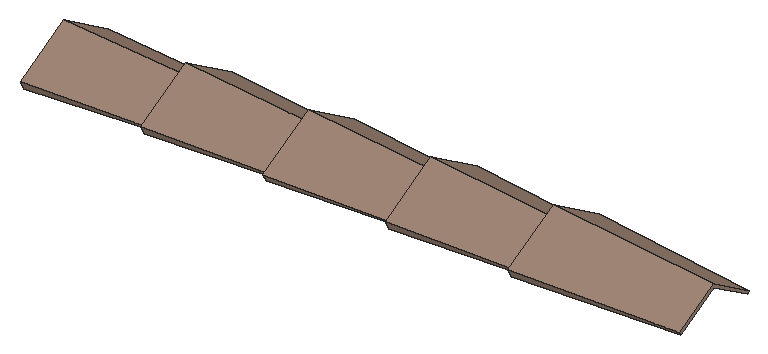
Revit family "NBS_TapcoRoofingProducts_RcnstttdSltCrsngFitngs_DaVinciSelectShakeRidgeAndHipCap", category Generic Models, Revit 2020
Family settings
  Can host rebar = No
  Round Connector Dimension = Use Diameter
  Part Type = Normal
  Cut with Voids When Loaded = No
  Shared = No
  Room Calculation Point = No
Parameters (values of type "Autumn")
  WidthBack = 250 mm  # constant formula
  Width = 300 mm  # constant formula
  Weight = "1 kg"
  WarrantyStartDate [instance] = "1900-12-31T23:59:59"
  WarrantyGuarantorParts = "n/a"
  WarrantyGuarantorLabor = "n/a"
  WarrantyDurationUnit = "year"
  WarrantyDurationParts = "n/a"
  WarrantyDurationLabor = "n/a"
  WarrantyDescription = "40 year"
  Version = "2"  # constant formula
  Uniclass2015Version = "Products v1.29"
  Uniclass2015Title = "Dry fixing ridges"
  Uniclass2015Code = "Pr_35_90_93_29"
  Thickness = 25 mm
  TagNumber [instance] = "n/a"
  SustainabilityPerformance = "Manufactured from recyclable virgin polyethylene"
  Size = "465 x 302 mm"
  ShowRidgeLast [instance] = and(RidgeLengtLast > 50 mm, [built-in parameter 1001306] > RidgeLength)  # yes
  ShowRidge4 [instance] = and(RidgeNumber > 4, not(ShowArray))  # yes
  ShowRidge3 [instance] = RidgeNumber > 3  # yes
  ShowRidge2 [instance] = RidgeNumber > 2  # yes
  ShowArray [instance] = RidgeNumberArray > 1  # no
  Shape = "Other"
  SerialNumber [instance] = "n/a"
  RidgeLengtLastCalc [instance] = if(RidgeLengtLast > 50 mm, RidgeLengtLast, 50 mm)  # 420 mm
  RidgeLengtLast [instance] = [built-in parameter 1001306] - (RidgeNumber - 1) * (RidgeLength - RidgeOverlapping)  # 420 mm
  RidgeAngleRight [instance] = 30.00°
  RidgeAngleLeft [instance] = 30.00°
  RidgeOverlapping [instance] = 145 mm
  RidgeNumberCalc [instance] = if(RidgeNumberArray < 2, 2, RidgeNumberArray)  # 2
  RidgeNumberArray [instance] = RidgeNumber - 4  # 1
  RidgeNumber [instance] = roundup(([built-in parameter 1001306] - RidgeOverlapping) / (RidgeLength - RidgeOverlapping))  # 5
  RidgeLength = 465 mm  # constant formula
  ReplacementCost = "n/a"
  RecycledContent = "0"
  Recyclability = "Manufactured from recyclable virgin polyethylene"
  ProductInformation = "https://source.thenbs.com/product/-/5f42ca6f-9695-4291-a67d-1041d41023c2/8821bbdf-7cdb-445a-bb53-3dfe837d31da"
  NominalWidth = 302 mm
  NominalLength = 465 mm
  NominalHeight = 0 mm
  Name = "DryFixingRidges_DaVinciSelectShakeRidgeAndHipCaps_Autumn_TapcoRoofingProducts"
  NBSVariantId = "5a28dfd7-20bb-93d9-d1d7-ee850a88a3fa"
  NBSObjectId = "5f42ca6f-9695-4291-a67d-1041d41023c2"
  NBSInstanceId = "8821bbdf-7cdb-445a-bb53-3dfe837d31da"
  ModelReference = "DaVinci Select Shake Ridge and Hip Caps"
  ModelNumber = "n/a"
  RidgeMaterial = NBS_TapcoRoofingProducts_Autumn
  ManufacturerURL = "www.tapcoroofingproducts.com"
  ManufacturerName = "Tapco Roofing Products"  # constant formula
  Manufacturer = "info@tapcoslate.com"
  built-in parameter 1001306 [instance] = 1700 mm
  InstallationDate [instance] = "1900-12-31T23:59:59"
  IfcExportType = "ROOFING"
  IfcExportAs = "IfcCoveringType"
  Grade = "n/a"
  FrontThickness = 25 mm  # constant formula
  FrontOffset4 [instance] = RidgeOverlapping * (FrontOffset3 + FrontThickness - BackThickness) / RidgeLength + BackThickness  # 13.894 mm
  FrontOffset3 [instance] = RidgeOverlapping * (FrontOffset2 + FrontThickness - BackThickness) / RidgeLength + BackThickness  # 12.935 mm
  FrontOffset2 [instance] = RidgeOverlapping * (FrontOffset1 + FrontThickness - BackThickness) / RidgeLength + BackThickness  # 9.86 mm
  FrontOffset1 [instance] = 0 mm  # constant formula
  Form = "Duo-ridge unventilated dry fixing kits"
  FireRating = "To EN 13501-5, BROOF(t4)"
  Finish = "Woodgrain"
  Features = "Ridges and hips are mechanically fixed, choice of three colours to match the Select Shake tiles, fully tested to BBA standards, including fire rating, wind, driven snow and rain, and water absorption"
  ExpectedLife = "n/a"
  DurationUnit = "year"
  Dimensions = "302 x 465 mm"
  Description = "A dry-fix ridge and hip cap for all roofs"
  Default Elevation = 0 mm
  CountryOfProductManufacture = "United States"
  CountryOfMaterialOrigin = "United States"
  Construction = "Composite blend of virgin polyethylene, UV and thermal stabilizers as well as a highly specialized fire retardant"
  Constituents = "n/a"
  Colour = "Autumn"
  Color = "Black,Brown"
  CodePerformance = "To EN 13501-5, BROOF(t4); Hail rating Class 4 UL 2218"
  Category = "Pr_35_90_93_29:Dry fixing ridges"
  BarCode [instance] = "n/a"
  BackThicknessLastRidge [instance] = (RidgeLength - RidgeLengtLastCalc) * (FrontOffset4 + FrontThickness - BackThickness) / RidgeLength + BackThickness  # 6.474 mm
  BackThickness = 3 mm  # constant formula
  BIMObjectName = "NBS_TapcoRoofingProducts_DryFixingRidges_DaVinciSelectShakeRidge&HipCaps_Autumn"
  Author = "NBS"  # constant formula
  AssetType = "Fixed"
  AssetIdentifier [instance] = "n/a"
  AccessibilityPerformance = "n/a"
Types (3, lengths in mm): name | Name | NBSVariantId | RidgeMaterial | Colour | BIMObjectName
  AgedCedar | "DryFixingRidges_DaVinciSelectShakeRidgeAndHipCaps_AgedCedar_TapcoRoofingProducts" | "e01b2727-56a0-ac81-1c7b-a2fdbdb3b848" | NBS_TapcoRoofingProducts_AgedCedar | "Aged cedar" | "NBS_TapcoRoofingProducts_DryFixingRidges_DaVinciSelectShakeRidge&HipCaps_AgedCedar"
  BlackOak | "DryFixingRidges_DaVinciSelectShakeRidgeAndHipCaps_BlackOak_TapcoRoofingProducts" | "c9265ae5-8019-caef-6ea6-5db136d68210" | NBS_TapcoRoofingProducts_BlackOak | "Black oak" | "NBS_TapcoRoofingProducts_DryFixingRidges_DaVinciSelectShakeRidge&HipCaps_BlackOak"
  Autumn | "DryFixingRidges_DaVinciSelectShakeRidgeAndHipCaps_Autumn_TapcoRoofingProducts" | "5a28dfd7-20bb-93d9-d1d7-ee850a88a3fa" | NBS_TapcoRoofingProducts_Autumn | "Autumn" | "NBS_TapcoRoofingProducts_DryFixingRidges_DaVinciSelectShakeRidge&HipCaps_Autumn"
Reference planes
  plane 1 "Center (Front/Back)": y = 0
  plane 2: z = 0
  plane 3 "Start": x = 0
  plane 4 "End": x = 1700
  plane 5: x = 465
  plane 6: x = 320
  plane 7: x = 785
  plane 8: x = 640
  plane 9: x = 1105
  plane 10: x = 960
  plane 11: x = 1425
  plane 12: x = 1280
Lines and regions (mm)
  reference lines
    curve 1: line (0, 0, 0) -> (1700, 0, 0)
Dimensions and locks
  "built-in parameter 1001306": plane 3 "Start" to plane 4 "End"
  "RidgeLength": plane 3 "Start" to plane 5
  "RidgeOverlapping": plane 6 to plane 5
  "RidgeLength": plane 6 to plane 7
  "RidgeOverlapping": plane 8 to plane 7
  "RidgeOverlapping": plane 10 to plane 9
  "RidgeLength": plane 8 to plane 9
  "RidgeOverlapping": plane 12 to plane 11
  "RidgeLength": plane 10 to plane 11
  group 1 to group 2 = 320 mm
  group 1 to group 2 = 0 mm  (x2)
  aligned and locked: plane 4 "End" to curve 1
  aligned and locked: plane 1 "Center (Front/Back)" to curve 1
  aligned and locked: plane 3 "Start" to curve 1
  aligned and locked: level to plane 2
  aligned and locked: plane 1 "Center (Front/Back)" to nested 1
  aligned and locked: plane 3 "Start" to nested 1
  aligned and locked: plane 1 "Center (Front/Back)" to nested 2
  aligned and locked: plane 6 to nested 2
  aligned and locked: plane 8 to nested 3
  aligned and locked: plane 1 "Center (Front/Back)" to nested 3
  aligned and locked: plane 10 to nested 4
  aligned and locked: plane 1 "Center (Front/Back)" to nested 4
  aligned and locked: plane 12 to nested 5
  aligned and locked: plane 1 "Center (Front/Back)" to nested 5
  aligned and locked: plane 10 to nested 6
  aligned and locked: plane 1 "Center (Front/Back)" to nested 6
  aligned and locked: plane 3 "Start" to nested 7
  aligned and locked: plane 1 "Center (Front/Back)" to nested 7
  aligned and locked: plane 4 "End" to nested 8
  aligned and locked: plane 1 "Center (Front/Back)" to nested 8
Nested families
  nested 1: "NBS_TapcoRoofingProducts_RcnstttdSltCrsngFitngs_DaVinciSelectShakeRidgeAndHipCap_Single" at (0, 0, 0), FrontOffset <- "FrontOffset1", BackThickness <- "BackThickness", Length <- "RidgeLength", WidthBack <- "WidthBack", type "NBS_TapcoRoofingProducts_RcnstttdSltCrsngFitngs_DaVinciSelectShakeRidgeAndHipCap_Single", detail levels medium+fine
    with WidthBackHalf 125 mm, WidthBack 250 mm, Length 465 mm, FrontOffset 0 mm, BackThickness 3 mm, AngleRight 30.00°, AngleLeft 30.00°
  nested 2: "NBS_TapcoRoofingProducts_RcnstttdSltCrsngFitngs_DaVinciSelectShakeRidgeAndHipCap_Single" at (320, 0, 0), FrontOffset <- "FrontOffset2", visible <- "ShowRidge2", BackThickness <- "BackThickness", Length <- "RidgeLength", WidthBack <- "WidthBack", type "NBS_TapcoRoofingProducts_RcnstttdSltCrsngFitngs_DaVinciSelectShakeRidgeAndHipCap_Single", detail levels medium+fine
    with WidthBackHalf 125 mm, WidthBack 250 mm, Length 465 mm, FrontOffset 9.86 mm, BackThickness 3 mm, AngleRight 30.00°, AngleLeft 30.00°
  nested 3: "NBS_TapcoRoofingProducts_RcnstttdSltCrsngFitngs_DaVinciSelectShakeRidgeAndHipCap_Single" at (640, 0, 0), FrontOffset <- "FrontOffset3", visible <- "ShowRidge3", BackThickness <- "BackThickness", Length <- "RidgeLength", WidthBack <- "WidthBack", type "NBS_TapcoRoofingProducts_RcnstttdSltCrsngFitngs_DaVinciSelectShakeRidgeAndHipCap_Single", detail levels medium+fine
    with WidthBackHalf 125 mm, WidthBack 250 mm, Length 465 mm, FrontOffset 12.935 mm, BackThickness 3 mm, AngleRight 30.00°, AngleLeft 30.00°
  nested 4: "NBS_TapcoRoofingProducts_RcnstttdSltCrsngFitngs_DaVinciSelectShakeRidgeAndHipCap_Single" at (960, 0, 0), FrontOffset <- "FrontOffset4", visible <- "ShowArray", BackThickness <- "BackThickness", Length <- "RidgeLength", WidthBack <- "WidthBack", type "NBS_TapcoRoofingProducts_RcnstttdSltCrsngFitngs_DaVinciSelectShakeRidgeAndHipCap_Single", detail levels medium+fine
    with WidthBackHalf 125 mm, WidthBack 250 mm, Length 465 mm, FrontOffset 13.894 mm, BackThickness 3 mm, AngleRight 30.00°, AngleLeft 30.00°
  nested 5: "NBS_TapcoRoofingProducts_RcnstttdSltCrsngFitngs_DaVinciSelectShakeRidgeAndHipCap_Single" at (1280, 0, 0), FrontOffset <- "FrontOffset4", visible <- "ShowArray", BackThickness <- "BackThickness", Length <- "RidgeLength", WidthBack <- "WidthBack", type "NBS_TapcoRoofingProducts_RcnstttdSltCrsngFitngs_DaVinciSelectShakeRidgeAndHipCap_Single", detail levels medium+fine
    with WidthBackHalf 125 mm, WidthBack 250 mm, Length 465 mm, FrontOffset 13.894 mm, BackThickness 3 mm, AngleRight 30.00°, AngleLeft 30.00°
  nested 6: "NBS_TapcoRoofingProducts_RcnstttdSltCrsngFitngs_DaVinciSelectShakeRidgeAndHipCap_Single" at (960, 0, 0), FrontOffset <- "FrontOffset4", visible <- "ShowRidge4", BackThickness <- "BackThickness", Length <- "RidgeLength", WidthBack <- "WidthBack", type "NBS_TapcoRoofingProducts_RcnstttdSltCrsngFitngs_DaVinciSelectShakeRidgeAndHipCap_Single", detail levels medium+fine
    with WidthBackHalf 125 mm, WidthBack 250 mm, Length 465 mm, FrontOffset 13.894 mm, BackThickness 3 mm, AngleRight 30.00°, AngleLeft 30.00°
  nested 7: "NBS_TapcoRoofingProducts_RcnstttdSltCrsngFitngs_DaVinciSelectShakeRidgeAndHipCap_Single" at (0, 0, 0), BackThickness <- "FrontThickness", FrontOffset <- "FrontOffset1", Length <- "built-in parameter 1001306", WidthBack <- "Width", type "NBS_TapcoRoofingProducts_RcnstttdSltCrsngFitngs_DaVinciSelectShakeRidgeAndHipCap_Single", detail levels coarse
    with WidthBackHalf 150 mm, WidthBack 300 mm, Length 1700 mm, FrontOffset 0 mm, BackThickness 25 mm, AngleRight 30.00°, AngleLeft 30.00°
  nested 8: "NBS_TapcoRoofingProducts_RcnstttdSltCrsngFitngs_DaVinciSelectShakeRidgeAndHipCap_Single" at (1280, 0, 0), Length <- "RidgeLengtLastCalc", FrontOffset <- "FrontOffset4", WidthBack <- "WidthBack", BackThickness <- "BackThicknessLastRidge", visible <- "ShowRidgeLast", type "NBS_TapcoRoofingProducts_RcnstttdSltCrsngFitngs_DaVinciSelectShakeRidgeAndHipCap_Single", detail levels medium+fine
    with WidthBackHalf 125 mm, WidthBack 250 mm, Length 420 mm, FrontOffset 13.894 mm, BackThickness 6.474 mm, AngleRight 30.00°, AngleLeft 30.00°
Definition of nested family "NBS_TapcoRoofingProducts_RcnstttdSltCrsngFitngs_DaVinciSelectShakeRidgeAndHipCap_Single"
  Parameters (values of type "NBS_TapcoRoofingProducts_RcnstttdSltCrsngFitngs_DaVinciSelectShakeRidgeAndHipCap_Single")
    WidthHalf = Width / 2  # 150 mm
    WidthBackHalf [instance] = WidthBack / 2  # 125 mm
    Width = 300 mm
    Material = none
    Length [instance] = 465 mm
    FrontThickness = 25 mm
    FrontOffset [instance] = 10 mm
    Default Elevation = 0 mm
    WidthBack [instance] = 250 mm
    BackThickness [instance] = 3 mm
    AngleRight = 20.00°
    AngleLeft = 20.00°
  Reference planes
    plane 1 "Center (Front/Back)": y = 0
    plane 2: z = 0
    plane 3 "Front": x = 0
    plane 4 "Back": x = 465
  Forms (mm)
    Blend 1, solid, material <- "Material"
      base sketch origin (0, 0, 0) x (0, 1, 0) y (0, 0, 1)
        loop
          line (0, 10.642) -> (144.374, -41.906) -> (152.925, -18.414) -> (0, 37.246) -> (-152.925, -18.414) -> (-144.374, -41.906) -> (0, 10.642)
      top sketch origin (0, 0, 0) x (0, 1, 0) y (0, 0, 1)
        loop
          line (0, 0) -> (117.462, -42.753) -> (118.488, -39.933) -> (0, 3.193) -> (-118.488, -39.933) -> (-117.462, -42.753) -> (0, 0)
      from 0 to 465
  Lines and regions (mm)
    reference lines
      curve 1: line (0, 0, 0) -> (0, -1033.662, -376.222)
      curve 2: line (0, 0, 0) -> (0, 1033.662, -376.222)
      curve 3: line (0, 0, 0) -> (0, 51.303, 140.954)
      curve 4: line (0, 0, 0) -> (0, -51.303, 140.954)
  Dimensions and locks
    "BackThickness": curve 1 to Blend 1 sketch curve
    "BackThickness": Blend 1 sketch curve to curve 2
    "WidthHalf": curve 3 to Blend 1 sketch curve
    "WidthHalf": Blend 1 sketch curve to curve 4
    "WidthBackHalf": curve 3 to Blend 1 sketch curve
    "WidthBackHalf": Blend 1 sketch curve to curve 4
    "FrontOffset": Blend 1 sketch curve to curve 2
    "FrontOffset": curve 1 to Blend 1 sketch curve
    "FrontThickness": Blend 1 sketch curve to Blend 1 sketch curve  (x2)
    "Length": plane 3 "Front" to plane 4 "Back"
    "AngleRight": angle curve 1 to plane 2
    "AngleLeft": angle plane 2 to curve 2
    "AngleLeft": angle plane 1 "Center (Front/Back)" to curve 3
    "AngleRight": angle curve 4 to plane 1 "Center (Front/Back)"
    aligned and locked: level to plane 2
    aligned and locked: plane 1 "Center (Front/Back)" to curve 2
    aligned and locked: plane 2 to curve 2
    aligned and locked: Blend 1 sketch curve to curve 2
    aligned and locked: Blend 1 sketch curve to curve 1
    aligned and locked: plane 4 "Back" to Blend 1
